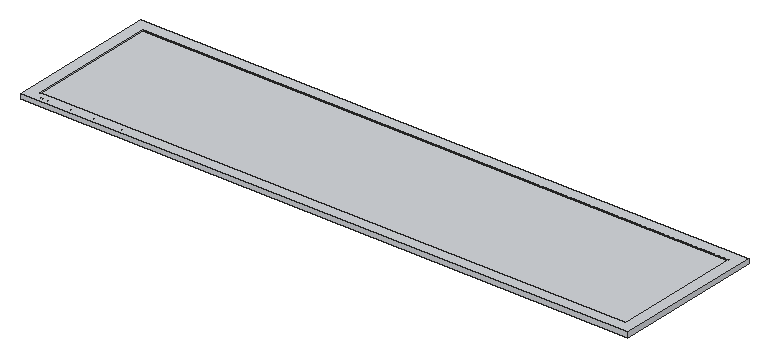
Revit family "1195x295_START Panel Backlit UGR19 - Copy (3)", category Lighting Fixtures, host Face, Revit 2017
Family settings
  Host = Face
  Round Connector Dimension = Use Diameter
  Part Type = Normal
  OmniClass Number = 23.80.70.00
  OmniClass Title = Lighting
  Cut with Voids When Loaded = No
  Light Source = Yes
  Shared = No
  Room Calculation Point = No
Parameters (values of type "0042199")
  Weight = "127.245 kg"
  Wattage Comments = ""
  Wattage = 36 W
  WarrantyStartDate [instance] = "n/a"
  WarrantyGuarantorParts = "n/a"
  WarrantyDurationUnit = "n/a"
  WarrantyDurationParts = "n/a"
  WarrantyDescription = "n/a"
  WIDTH_SYL = 147.5 mm
  built-in parameter 1150110 = 1 (stored number, unit not read)
  Voltage = 0 V
  URL = "http://www.sylvania-lighting.com\\0042199"
  TypeName = "START Panel UGR19 1200x300 3800Lm 840 LILO"
  Type Image = <None>
  Type Comments = "n/a"
  built-in parameter 1114217 = 1 (stored number, unit not read)
  Tilt Angle = -90.00°
  built-in parameter 1150109 = 1 (stored number, unit not read)
  built-in parameter 1150134 = 12
  TOP__WIDTH_SYL = 545 mm
  TOP_WIDTH_SYL = 265 mm
  TOP_DEPTH_SYL = 95 mm
  built-in parameter 1150113 = 1 (stored number, unit not read)
  SerialNumber [instance] = "n/a"
  Photometric Web File = "0042199.ies"
  Material_3_SYL = none
  PowerFactor = 0.9
  PowerConsumption = "36 W"
  NominalLength = 1195 mm
  NominalHeight = 35 mm
  NominalDepth = 295 mm
  Name = "START Panel UGR19 1200x300 3800Lm 840 LILO"
  ModelReference = Name  # "START Panel UGR19 1200x300 3800Lm 840 LILO"
  ModelNumber = "0042199"
  Model = Name  # "START Panel UGR19 1200x300 3800Lm 840 LILO"
  Material = "aluminium,steel housing, other diffuser"
  ManufacturerName = "Feilo Sylvania"
  Manufacturer = "Feilo Sylvania"
  MAINHEIGHT_SYL = 63 mm
  LuminousEfficacy = "106 lm/W"
  built-in parameter 1150105 = 425.54 (stored number, unit not read)
  Lumens = 5347.51 lm
  LuminaireType = ""
  built-in parameter 1150115 = 1 (stored number, unit not read)
  LightOutputRatio = "n/a"
  built-in parameter 1150137 = (empty or 0)
  built-in parameter 1150139 = (empty or 0)
  LampsType = Lamp  # "LED"
  LampNominalLuminous = "3800 lm"
  LampMacAdamStep = "6"
  LampColourTemperature = "4000 K"
  LampColourRenderingIndex = "80"
  built-in parameter 1150112 = 1 (stored number, unit not read)
  built-in parameter 1150114 = 1 (stored number, unit not read)
  Lamp = "LED"
  LUMWIDTH_SYL = 576.5 mm
  LUMDEPTH_SYL = 126.5 mm
  Keynote = "16500"
  InstallationDate [instance] = "n/a"
  InputVoltage = "n/a"
  InputNominalFrequency = "n/a"
  built-in parameter 1150132 = (empty or 0)
  built-in parameter 1150102 = (empty or 0)
  built-in parameter 1150107 = 4000 (stored number, unit not read)
  built-in parameter 1150138 = (empty or 0)
  IngressProtection = "IP40/20"
  ImpactProtectionIndex = "IK03"
  built-in parameter 1150106 = 4.2554 (stored number, unit not read)
  IfcExportType = "IfcLightFixtureType"
  IfcExportAs = ""
  HEIGHT_SYL = 33 mm
  HEIGHTBOTT_SYL = 7 mm
  Emit from Circle Diameter = 609.6 mm
  Emit Shape Visible in Rendering = no
  ElectricShockClassification = "Class II"
  built-in parameter 1150104 = 13.8 (stored number, unit not read)
  DocumentationLiterature = "http://www.sylvania-lighting.com/product/en-int/products/0042199"
  DimmingControlOptions = ""
  Material_2_SYL = none
  Dimming Lamp Color Temperature Shift = <None>
  Description = ""
  Default Elevation = 1219.2 mm
  DEPTH_SYL = 597.5 mm
  CreatedOn = "7/6/2020"
  CreatedBy = "@sylvania-lighting.com"
  Cost = 0
  Color Filter = 16777215
  built-in parameter 1114216 [instance] = (empty or 0)
  ClassificationValue = "EF_70_80"
  ClassificationName = "Uniclass2015"
  Material_1_SYL = none
  BarCode [instance] = "n/a"
  built-in parameter 1114218 = 1 (stored number, unit not read)
  BOX_WIDTH_SYL = 40 mm
  built-in parameter 1150133 = 10 (stored number, unit not read)
  AssetType = "Fixed"
  AssetIdentifier [instance] = "n/a"
  Assembly Code = "D5020200"
  Apparent Load = 36 VA
  Material_4_SYL = none
  -LUMDEPTH_SYL = LUMDEPTH_SYL * (-1)  # -126.5 mm
  -BOX_WIDTH_SYL = BOX_WIDTH_SYL * (-1)  # -40 mm
Reference planes
  plane 1 "Center (Front/Back)": y = 0
  plane 2: z = 0
  plane 3 "Center (Left/Right)": x = 0
  plane 4: z = -33
  plane 5: z = -7
  plane 6: z = -63
  plane 7: x = 597.5
  plane 8: x = -597.5
  plane 9: y = 147.5
  plane 10: y = -147.5
  plane 11: x = 576.5
  plane 12: x = -576.5
  plane 13: y = -126.5
  plane 14: y = 126.5
  plane 15: y = -265
  plane 16: y = 265
  plane 17: x = -40
  plane 18: x = 40
  plane 19: x = 0
  plane 20: x = -545
  plane 21: x = 545
  plane 22: y = -95
  plane 23: y = 95
Forms (mm)
  Extrusion 1, solid
    sketch origin (0, 0, 0) x (1, 0, 0) y (0, 1, 0)
      loop
        line (-597.5, 147.5) -> (-597.5, -147.5) -> (597.5, -147.5) -> (597.5, 147.5) -> (-597.5, 147.5)
    from -7 to 2
  Extrusion 2, void
    sketch origin (0, 0, 0) x (1, 0, 0) y (0, 1, 0)
      loop
        line (-576.5, 126.5) -> (-576.5, -126.5) -> (576.5, -126.5) -> (576.5, 126.5) -> (-576.5, 126.5)
    from 0 to 2
  Extrusion 3, solid
    sketch origin (0, 0, 0) x (1, 0, 0) y (0, 0, 1)
      loop
        line (-40, -33) -> (-40, -63) -> (40, -63) -> (40, -33) -> (-40, -33)
    from -40 <- "-BOX_WIDTH_SYL" to 40 <- "BOX_WIDTH_SYL"
  Extrusion 4, solid
    sketch origin (0, 0, 0) x (1, 0, 0) y (0, 0, 1)
      loop
        line (-576.5, -7) -> (-545, -33) -> (545, -33) -> (576.5, -7) -> (-576.5, -7)
    from -126.5 <- "-LUMDEPTH_SYL" to 126.5 <- "LUMDEPTH_SYL"
  Extrusion 5, void
    sketch origin (319, 1524, 1219.2) x (0, 1, 0) y (0, 0, 1)
      loop
        line (-1397.5, -1226.2) -> (-1429, -1252.2) -> (-1397.5, -1252.2) -> (-1397.5, -1226.2)
      loop
        line (-1650.5, -1226.2) -> (-1650.5, -1252.2) -> (-1619, -1252.2) -> (-1650.5, -1226.2)
    from -1000 to 1000
Cuts and joins
  Extrusion 2 cuts Extrusion 1
  Extrusion 5 cuts Extrusion 4
  joined: Extrusion 1, Extrusion 3, Extrusion 4
Dimensions and locks
  "HEIGHT_SYL": host face to plane 4
  "HEIGHTBOTT_SYL": host face to plane 5
  "MAINHEIGHT_SYL": host face to plane 6
  "DEPTH_SYL": plane 8 to plane 3 "Center (Left/Right)" to plane 7
  "WIDTH_SYL": plane 10 to plane 1 "Center (Front/Back)" to plane 9
  "LUMWIDTH_SYL": plane 12 to plane 3 "Center (Left/Right)" to plane 11
  "LUMDEPTH_SYL": plane 13 to plane 1 "Center (Front/Back)" to plane 14
  "TOP_WIDTH_SYL": plane 16 to imposter light to plane 15
  "BOX_WIDTH_SYL": plane 17 to imposter light to plane 18
  "TOP__WIDTH_SYL": plane 20 to imposter light to plane 21
  "TOP_DEPTH_SYL": plane 23 to imposter light to plane 22
  aligned and locked: plane 2 to host face
  aligned and locked: level to host face
  aligned and locked: Extrusion 1 sketch curve to plane 9
  aligned and locked: plane 8 to Extrusion 1 sketch curve
  aligned and locked: Extrusion 1 sketch curve to plane 10
  aligned and locked: Extrusion 1 sketch curve to plane 7
  aligned and locked: plane 14 to Extrusion 2 sketch curve
  aligned and locked: plane 12 to Extrusion 2 sketch curve
  aligned and locked: Extrusion 2 sketch curve to plane 13
  aligned and locked: Extrusion 2 sketch curve to plane 11
  aligned and locked: plane 4 to Extrusion 3 sketch curve
  aligned and locked: Extrusion 3 sketch curve to plane 17
  aligned and locked: Extrusion 3 sketch curve to plane 6
  aligned and locked: plane 18 to Extrusion 3 sketch curve
Automatic sketch dimensions
  host sketch curve to host sketch curve = 2438.4 mm  (x2)
  Extrusion 4 sketch curve to plane 5 = 0 mm
  Extrusion 4 sketch curve to plane 12 = 0 mm
  Extrusion 4 sketch curve to plane 4 = 0 mm
  plane 20 to Extrusion 4 sketch curve = 0 mm
  plane 21 to Extrusion 4 sketch curve = 0 mm
  Extrusion 4 sketch curve to plane 11 = 0 mm
  Extrusion 5 sketch curve to plane 13 = 0 mm
  plane 4 to Extrusion 5 sketch curve = 0 mm  (x2)
  Extrusion 5 sketch curve to plane 22 = 0 mm
  Extrusion 5 sketch curve to plane 23 = 0 mm
  Extrusion 5 sketch curve to plane 14 = 0 mm
  plane 5 to Extrusion 5 sketch curve = 0 mm  (x2)
